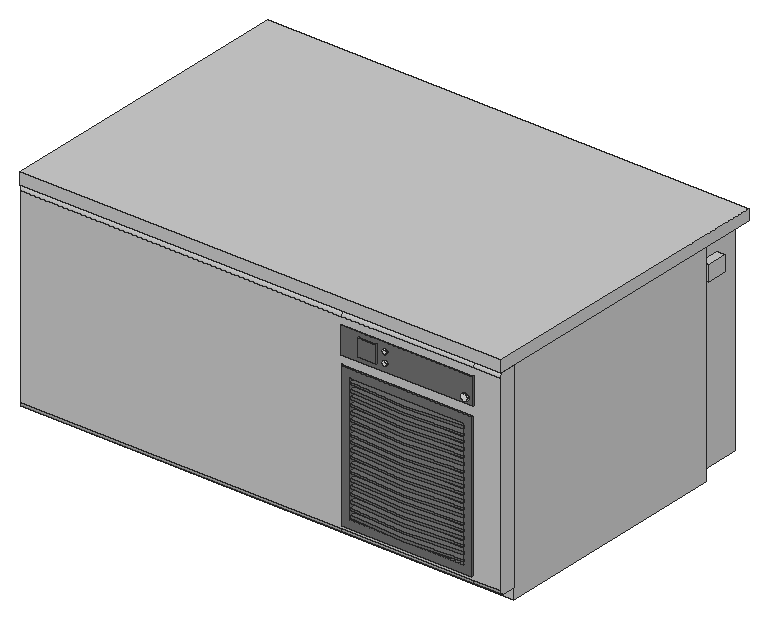
Revit family "QF_HOSHIZAKI_IM-240XNE-32", category Specialty Equipment, Revit 2016
Family settings
  Part Type = Normal
  Round Connector Dimension = Use Diameter
  OmniClass Number = 23.40.40.14
  OmniClass Title = Food Service Equipment
  Work Plane-Based = No
  Always vertical = Yes
  Cut with Voids When Loaded = No
  Shared = No
  Room Calculation Point = No
Parameters (values of type "IM-240XNE-32_230V/1Ph/50Hz")
  Weight = 88.00 kg
  Waste Remarks [instance] = ""
  Volts = 230 V
  URL Cutsheet = ""
  URL = "www.hoshizaki-europe.com"
  Status [instance] = ""
  Specification by User [instance] = ""
  Specification by Manufacturer [instance] = ""
  Serial Number = ""
  Seismic Rating = ""
  SMACNA No = ""
  Revision Code [instance] = ""
  Phase = 1
  Number of Poles = 2
  NAFEM Spec ID Number = ""
  Model = "IM-240XNE-32"
  Min Ckt Ampacity = 0 A
  Max Overcurrent Protection = 0 A
  Masterspec = ""
  Manufacturer = "HOSHIZAKI"
  Length Actual = 1084 mm
  Item Number [instance] = ""
  Installed By [instance] = ""
  Indirect Waste Size = 19.05 mm
  Indirect Waste Connection Type [instance] = ""
  Indirect Waste Connection Height [instance] = 53 mm
  Identify Quantity as Lot [instance] = no
  Height Actual = 500 mm
  HP power = ""
  Furnished By [instance] = ""
  Foodservice Equipment Identifier [instance] = yes
  FL Amps = 20 A
  Electric power = 1330 W
  Electric Connection Type [instance] = ""
  Elec Conn RI Height [instance] = 0 mm
  Elec Conn Connection Height [instance] = 409 mm
  Direct Waste RI Height [instance] = 0 mm
  Description = "MODULAR IM ICE MAKER, 240KG PER 24 HOURS, EXTRA LARGE CUBE, MODULAR - EXTENSION"
  Depth Actual = 700 mm
  Cycle = 50 Hz
  Cost = 0
  Conn Plug = ""
  Conn Conduit = no
  Cold Water Temperature Recommended = 0 °C
  Cold Water Size = 19.05 mm
  Cold Water Flow = 0.0 L/s
  Cold Water Connection Height [instance] = 419 mm
  CSI MasterFormat = ""
  Assembly Code = "E1090320"
  Apparent Power = 1330 VA
  Accessory = no
Types (2, lengths in mm): name | Volts | Cycle
  IM-240XNE-32_230V/1Ph/50Hz | 230 V | 50 Hz
  IM-240XNE-32_240V/1Ph/60Hz | 240 V | 60 Hz
Reference planes
  plane 1 "Center (Front/Back)": y = 0
  plane 2: z = 0
  plane 3 "Center (Left/Right)": x = 0
Forms (mm)
  Extrusion 1, solid, not visible
    sketch origin (-16, -65, 418) x (1, 0, 0) y (0, 1, 0)
      loop
        line (0, 0) -> (2, 0) -> (2, 2) -> (0, 2) -> (0, 0)
    from 0 to 2
  Extrusion 2, solid, not visible
    sketch origin (-16, -213, 52) x (1, 0, 0) y (0, 1, 0)
      loop
        line (0, 0) -> (2, 0) -> (2, 2) -> (0, 2) -> (0, 0)
    from 0 to 2
  Extrusion 3, solid, not visible
    sketch origin (1073, -77, 408) x (1, 0, 0) y (0, 1, 0)
      loop
        line (0, 0) -> (2, 0) -> (2, 2) -> (0, 2) -> (0, 0)
    from 0 to 2
  Extrusion 4, solid, not visible
    sketch origin (-16, -65, 418) x (1, 0, 0) y (0, 1, 0)
      loop
        line (0, 0) -> (2, 0) -> (2, 2) -> (0, 2) -> (0, 0)
    from 0 to 2
  Extrusion 5, solid, not visible
    sketch origin (-16, -213, 52) x (1, 0, 0) y (0, 1, 0)
      loop
        line (0, 0) -> (2, 0) -> (2, 2) -> (0, 2) -> (0, 0)
    from 0 to 2
  Extrusion 6, solid, not visible
    sketch origin (1073, -77, 408) x (1, 0, 0) y (0, 1, 0)
      loop
        line (0, 0) -> (2, 0) -> (2, 2) -> (0, 2) -> (0, 0)
    from 0 to 2
Dimensions and locks
  aligned and locked: level to plane 2
Nested families
  nested 1: "QF_HOSHIZAKI_IM-240XNE-32_230V_1Ph_50Hz" at (0, 0, 0), type "IM-240XNE-32_230V/1Ph/50Hz"
    with Show Clearance yes
Connectors
  piping at (-15, -63, 419), diameter 19.05, driven by "Cold Water Size", driven by "Cold Water Flow"
    settings: on Extrusion 1, index 1, connector inside diameter 609.6 mm, connector length 0 mm, flow factor 0, pipe flow 0.0 L/s, pressure drop 0.0 Pa, fitting loss kfactor 0, connector angle 0.00°, fixture units 0, engagement length 0 mm, angle of deflection 0.00°, flow configuration 1, flow direction 1, fitting loss method 0, system type 20, joint type 0, gender type 0, connector reference index -1, connector utility 0, adjustable connector no, is connector primary yes, connector description "Cold Water connection for 'IM-240XNE-32'"
  piping at (-15, -211, 53), diameter 19.05, driven by "Indirect Waste Size"
    settings: on Extrusion 2, index 2, connector inside diameter 609.6 mm, connector length 0 mm, flow factor 0, pipe flow 0.0 L/s, pressure drop 0.0 Pa, fitting loss kfactor 0, connector angle 0.00°, fixture units 0, engagement length 0 mm, angle of deflection 0.00°, flow configuration 1, flow direction 2, fitting loss method 0, system type 16, joint type 0, gender type 0, connector reference index -1, connector utility 0, adjustable connector no, is connector primary no, connector description "Drain connection for 'IM-240XNE-32'"
  electrical at (1074, -75, 409), driven by "Apparent Power", driven by "Number of Poles", driven by "Volts"
    settings: on Extrusion 3, index 3, voltage 230 V, apparent load 0 VA, apparent load phase1 1330 VA, apparent load phase2 0 VA, apparent load phase3 0 VA, power factor 1, load classification "Other", number of poles 2, system type 31, power factor state 1, is connector primary yes, connector utility no, sub classification motor no, connector description "Electric connection for 'IM-240XNE-32'"
  piping at (-15, -63, 419), diameter 19.05, driven by "Cold Water Size", driven by "Cold Water Flow"
    settings: on Extrusion 4, index 4, connector inside diameter 609.6 mm, connector length 0 mm, flow factor 0, pipe flow 0.0 L/s, pressure drop 0.0 Pa, fitting loss kfactor 0, connector angle 0.00°, fixture units 0, engagement length 0 mm, angle of deflection 0.00°, flow configuration 1, flow direction 1, fitting loss method 0, system type 20, joint type 0, gender type 0, connector reference index -1, connector utility 0, adjustable connector no, is connector primary no, connector description "Cold Water connection for 'IM-240XNE-32'"
  piping at (-15, -211, 53), diameter 19.05, driven by "Indirect Waste Size"
    settings: on Extrusion 5, index 5, connector inside diameter 609.6 mm, connector length 0 mm, flow factor 0, pipe flow 0.0 L/s, pressure drop 0.0 Pa, fitting loss kfactor 0, connector angle 0.00°, fixture units 0, engagement length 0 mm, angle of deflection 0.00°, flow configuration 1, flow direction 2, fitting loss method 0, system type 16, joint type 0, gender type 0, connector reference index -1, connector utility 0, adjustable connector no, is connector primary no, connector description "Drain connection for 'IM-240XNE-32'"
  electrical at (1074, -75, 409), driven by "Apparent Power", driven by "Number of Poles", driven by "Volts"
    settings: on Extrusion 6, index 6, voltage 230 V, apparent load 0 VA, apparent load phase1 1330 VA, apparent load phase2 0 VA, apparent load phase3 0 VA, power factor 1, load classification "Other", number of poles 2, system type 31, power factor state 1, is connector primary no, connector utility no, sub classification motor no, connector description "Electric connection for 'IM-240XNE-32'"
Definition of nested family "QF_HOSHIZAKI_IM-240XNE-32_230V_1Ph_50Hz"
  Parameters (values of type "IM-240XNE-32_230V/1Ph/50Hz")
    Width = 1084 mm
    URL = "www.hoshizaki-europe.com"
    Show Clearance [instance] = yes
    Model = "IM-240XNE-32"
    Manufacturer = "HOSHIZAKI"
    Height = 500 mm
    Description = "MODULAR IM ICE MAKER, 240KG PER 24 HOURS, EXTRA LARGE CUBE, MODULAR - EXTENSION"
    Depth = 700 mm
    Assembly Code = "E1090320"
  Types (31, lengths in mm): name | Width | Model | Height | Description | Depth
    IM-240DNE-HC | 1084 | "IM-240DNE-HC" | 500 | "EMERALD CLASS IM HYDROCARBON ICE MAKER, 210KG PER 24 HOURS, LARGE CUBE, MODULAR - HORIZONTAL" | 700
    IM-240XNE-HC | 1084 | "IM-240XNE-HC" | 500 | "EMERALD CLASS IM HYDROCARBON ICE MAKER, 210KG PER 24 HOURS, LARGE CUBE, MODULAR - EXTENSION" | 700
    IM-240DNE | 1084 | "IM-240DNE" | 500 | "MODULAR IM ICE MAKER, 240KG PER 24 HOURS, LARGE CUBE, MODULAR - HORIZONTAL" | 700
    IM-240DNE-21 | 1084 | "IM-240DNE-21" | 500 | "MODULAR IM ICE MAKER, 240KG PER 24 HOURS, EXTRA SMALL CUBE, MODULAR - HORIZONTAL" | 700
    IM-240DNE-23 | 1084 | "IM-240DNE-23" | 500 | "MODULAR IM ICE MAKER, 240KG PER 24 HOURS, MEDIUM CUBE, MODULAR - HORIZONTAL" | 700
    IM-240DNE-32 | 1084 | "IM-240DNE-32" | 500 | "MODULAR IM ICE MAKER, 240KG PER 24 HOURS, EXTRA LARGE CUBE, MODULAR - HORIZONTAL" | 700
    IM-240DSNE | 1084 | "IM-240DSNE" | 500 | "MODULAR IM ICE MAKER, 240KG PER 24 HOURS, LARGE CUBE, REMOTE CONDENSER" | 700
    IM-240DSNE-23 | 1084 | "IM-240DSNE-23" | 500 | "MODULAR IM ICE MAKER, 240KG PER 24 HOURS, MEDIUM CUBE, REMOTE CONDENSER" | 700
    IM-240DWNE | 1084 | "IM-240DWNE" | 500 | "MODULAR IM ICE MAKER, 240KG PER 24 HOURS, LARGE CUBE, MODULAR - HORIZONTAL, WATER COOLED" | 700
    IM-240DWNE-21 | 1084 | "IM-240DWNE-21" | 500 | "MODULAR IM ICE MAKER, 240KG PER 24 HOURS, EXTRA SMALL CUBE, MODULAR - HORIZONTAL, WATER COOLED" | 700
    IM-240DWNE-23 | 1084 | "IM-240DWNE-23" | 500 | "MODULAR IM ICE MAKER, 240KG PER 24 HOURS, MEDIUM CUBE, MODULAR - HORIZONTAL, WATER COOLED" | 700
    IM-240DWNE-32 | 1084 | "IM-240DWNE-32" | 500 | "MODULAR IM ICE MAKER, 240KG PER 24 HOURS, EXTRA LARGE CUBE, MODULAR - HORIZONTAL, WATER COOLED" | 700
    IM-240XNE | 1084 | "IM-240XNE" | 500 | "MODULAR IM ICE MAKER, 240KG PER 24 HOURS, LARGE CUBE, MODULAR - EXTENSION" | 700
    IM-240XNE-21 | 1084 | "IM-240XNE-21" | 500 | "MODULAR IM ICE MAKER, 240KG PER 24 HOURS, EXTRA SMALL CUBE, MODULAR - EXTENSION" | 700
    IM-240XNE-23 | 1084 | "IM-240XNE-23" | 500 | "MODULAR IM ICE MAKER, 240KG PER 24 HOURS, MEDIUM CUBE, MODULAR - EXTENSION" | 700
    IM-240XNE-32_230V/1Ph/50Hz | 1084 | "IM-240XNE-32" | 500 | "MODULAR IM ICE MAKER, 240KG PER 24 HOURS, EXTRA LARGE CUBE, MODULAR - EXTENSION" | 700
    IM-240XSNE | 1084 | "IM-240XSNE" | 500 | "MODULAR IM ICE MAKER, 240KG PER 24 HOURS, LARGE CUBE, MODULAR - EXTENSION, REMOTE CONDENSER" | 700
    IM-240XSNE-23 | 1084 | "IM-240XSNE-23" | 500 | "MODULAR IM ICE MAKER, 240KG PER 24 HOURS, MEDIUM CUBE, MODULAR - EXTENSION, REMOTE CONDENSER" | 700
    IM-240XWNE | 1084 | "IM-240XWNE" | 500 | "MODULAR IM ICE MAKER, 240KG PER 24 HOURS, LARGE CUBE, MODULAR - EXTENSION, WATER COOLED" | 700
    IM-240XWNE-21 | 1084 | "IM-240XWNE-21" | 500 | "MODULAR IM ICE MAKER, 240KG PER 24 HOURS, EXTRA SMALL CUBE, MODULAR - EXTENSION, WATER COOLED" | 700
    IM-240XWNE-23 | 1084 | "IM-240XWNE-23" | 500 | "MODULAR IM ICE MAKER, 240KG PER 24 HOURS, MEDIUM CUBE, MODULAR - EXTENSION, WATER COOLED" | 700
    IM-240XWNE-32 | 1084 | "IM-240XWNE-32" | 500 | "MODULAR IM ICE MAKER, 240KG PER 24 HOURS, EXTRA LARGE CUBE, MODULAR - EXTENSION, WATER COOLED" | 700
    IM-240DNE-C | 1084 | "IM-240DNE-C" | 500 | "IM CYLINDER ICE MAKER, 240KG PER 24 HOURS, CYLINDER ICE, MODULAR - HORIZONTAL" | 700
    IM-240DWNE-C | 1084 | "IM-240DWNE-C" | 500 | "IM CYLINDER ICE MAKER, 240KG PER 24 HOURS, CYLINDER ICE, MODULAR - HORIZONTAL, WATER COOLED" | 700
    IM-240XNE-C | 1084 | "IM-240XNE-C" | 500 | "IM CYLINDER ICE MAKER, 240KG PER 24 HOURS, CYLINDER ICE, MODULAR - EXTENSION" | 700
    IM-240XWNE-C | 1084 | "IM-240XWNE-C" | 500 | "IM CYLINDER ICE MAKER, 240KG PER 24 HOURS, CYLINDER ICE, MODULAR - EXTENSION, WATER COOLED" | 700
    IM-240DNE-HC-23 | 1084 | "IM-240DNE-HC-23" | 500 | "EMERALD CLASS IM HYDROCARBON ICE MAKER, 180KG PER 24 HOURS, MEDIUM CUBE, MODULAR - EXTENSION" | 700
    IM-240DNE-HC-32 | 1084 | "IM-240DNE-HC-32" | 500 | "EMERALD CLASS IM HYDROCARBON ICE MAKER, 190KG PER 24 HOURS, EXTRA LARGE CUBE, MODULAR - EXTENSION" | 700
    IM-240XNE-HC-23 | 1082 | "IM-240XNE-HC-23" | 485 | "EMERALD CLASS IM HYDROCARBON ICE MAKER, 180KG PER 24 HOURS, MEDIUM CUBE, MODULAR - EXTENSION" | 697
    IM-240XNE-HC-32 | 1082 | "IM-240XNE-HC-32" | 485 | "EMERALD CLASS IM HYDROCARBON ICE MAKER, 190KG PER 24 HOURS, EXTRA LARGE CUBE, MODULAR - EXTENSION" | 697
    IM-240DNE-HC-21 | 1084 | "IM-240DNE-HC-21" | 500 | "EMERALD CLASS IM HYDROCARBON ICE MAKER, 205KG PER 24 HOURS, EXTRA SMALL CUBE, MODULAR - EXTENSION" | 700
  Reference planes
    plane 1 "Back": y = 0
    plane 2: z = 0
    plane 3 "Left": x = 0
    plane 4 "Right": x = 1084
    plane 5 "Front": y = -700
    plane 6 "Top": z = 500
    plane 7: y = -702
    plane 8: z = 488
  Forms (mm)
    Extrusion 1, solid
      sketch origin (166.25, -249, 193) x (0, 1, 0) y (0, 0, 1)
        loop
          line (-414, -170) -> (-414, 280) -> (-441, 280)
          arc (-441, 280) -> (-448.071, 277.071) -> (-451, 270) r 10
          line (-451, 270) -> (-451, -160)
          arc (-451, -160) -> (-448.071, -167.071) -> (-441, -170) r 10
          line (-441, -170) -> (-414, -170)
      from 559.75 to -166.25
    Extrusion 2, solid
      sketch origin (-20, -211, 53) x (0, 1, 0) y (0, 0, 1)
        loop
          circle (0, 0) r 14
        loop
          circle (0, 0) r 12
      from 0 to 20
    Extrusion 3, solid
      sketch origin (-16, -63, 419) x (0, 1, 0) y (0, 0, 1)
        loop
          circle (0, 0) r 14
        loop
          circle (0, 0) r 12
      from 0 to 16
    Extrusion 4, solid
      sketch origin (1024, -249, 193) x (0, 1, 0) y (0, 0, 1)
        loop
          line (-414, -170) -> (-414, 280) -> (-441, 280)
          arc (-441, 280) -> (-448.071, 277.071) -> (-451, 270) r 10
          line (-451, 270) -> (-451, -160)
          arc (-451, -160) -> (-448.071, -167.071) -> (-441, -170) r 10
          line (-441, -170) -> (-414, -170)
      from 0 to 60
    Extrusion 5, solid
      sketch origin (726, -249, 193) x (0, 1, 0) y (0, 0, 1)
        loop
          line (-414, -170) -> (-414, -153) -> (-451, -153) -> (-451, -160)
          arc (-451, -160) -> (-448.071, -167.071) -> (-441, -170) r 10
          line (-441, -170) -> (-414, -170)
        loop
          line (-451, 270) -> (-451, 174) -> (-414, 174) -> (-414, 280) -> (-441, 280)
          arc (-441, 280) -> (-448.071, 277.071) -> (-451, 270) r 10
      from 0 to 298
    Extrusion 6, solid
      sketch origin (568.75, -852, 28) x (1, 0, 0) y (0, 0, 1)
        loop
          line (159.25, 337) -> (159.25, 14) -> (453.25, 14) -> (453.25, 337) -> (159.25, 337)
        loop
          line (177.25, 319) -> (177.25, 32) -> (435.25, 32) -> (435.25, 319) -> (177.25, 319)
      from -150 to -160
    Extrusion 7, solid
      sketch origin (568.75, -249, 170) x (1, 0, 0) y (0, 1, 0)
        loop
          line (177.25, -443) -> (177.25, -454.474)
          arc (177.25, -454.474) -> (306.295, -461.632) -> (435.25, -453) r 1057.927
          line (435.25, -453) -> (435.25, -443) -> (177.25, -443)
      from 0 to 5
    Extrusion 8, solid
      sketch origin (568.75, -249, 185) x (1, 0, 0) y (0, 1, 0)
        loop
          line (177.25, -443) -> (177.25, -454.474)
          arc (177.25, -454.474) -> (306.295, -461.632) -> (435.25, -453) r 1057.927
          line (435.25, -453) -> (435.25, -443) -> (177.25, -443)
      from 0 to 5
    Extrusion 9, solid
      sketch origin (568.75, -249, 200) x (1, 0, 0) y (0, 1, 0)
        loop
          line (177.25, -443) -> (177.25, -454.474)
          arc (177.25, -454.474) -> (306.295, -461.632) -> (435.25, -453) r 1057.927
          line (435.25, -453) -> (435.25, -443) -> (177.25, -443)
      from 0 to 5
    Extrusion 10, solid
      sketch origin (568.75, -249, 215) x (1, 0, 0) y (0, 1, 0)
        loop
          line (177.25, -443) -> (177.25, -454.474)
          arc (177.25, -454.474) -> (306.295, -461.632) -> (435.25, -453) r 1057.927
          line (435.25, -453) -> (435.25, -443) -> (177.25, -443)
      from 0 to 5
    Extrusion 11, solid
      sketch origin (568.75, -249, 230) x (1, 0, 0) y (0, 1, 0)
        loop
          line (177.25, -443) -> (177.25, -454.474)
          arc (177.25, -454.474) -> (306.295, -461.632) -> (435.25, -453) r 1057.927
          line (435.25, -453) -> (435.25, -443) -> (177.25, -443)
      from 0 to 5
    Extrusion 12, solid
      sketch origin (568.75, -249, 245) x (1, 0, 0) y (0, 1, 0)
        loop
          line (177.25, -443) -> (177.25, -454.474)
          arc (177.25, -454.474) -> (306.295, -461.632) -> (435.25, -453) r 1057.927
          line (435.25, -453) -> (435.25, -443) -> (177.25, -443)
      from 0 to 5
    Extrusion 13, solid
      sketch origin (568.75, -249, 260) x (1, 0, 0) y (0, 1, 0)
        loop
          line (177.25, -443) -> (177.25, -454.474)
          arc (177.25, -454.474) -> (306.295, -461.632) -> (435.25, -453) r 1057.927
          line (435.25, -453) -> (435.25, -443) -> (177.25, -443)
      from 0 to 5
    Extrusion 14, solid
      sketch origin (568.75, -249, 275) x (1, 0, 0) y (0, 1, 0)
        loop
          line (177.25, -443) -> (177.25, -454.474)
          arc (177.25, -454.474) -> (306.295, -461.632) -> (435.25, -453) r 1057.927
          line (435.25, -453) -> (435.25, -443) -> (177.25, -443)
      from 0 to 5
    Extrusion 15, solid
      sketch origin (568.75, -249, 290) x (1, 0, 0) y (0, 1, 0)
        loop
          line (177.25, -443) -> (177.25, -454.474)
          arc (177.25, -454.474) -> (306.295, -461.632) -> (435.25, -453) r 1057.927
          line (435.25, -453) -> (435.25, -443) -> (177.25, -443)
      from 0 to 5
    Extrusion 16, solid
      sketch origin (568.75, -249, 305) x (1, 0, 0) y (0, 1, 0)
        loop
          line (177.25, -443) -> (177.25, -454.474)
          arc (177.25, -454.474) -> (306.295, -461.632) -> (435.25, -453) r 1057.927
          line (435.25, -453) -> (435.25, -443) -> (177.25, -443)
      from 0 to 5
    Extrusion 17, solid
      sketch origin (568.75, -249, 320) x (1, 0, 0) y (0, 1, 0)
        loop
          line (177.25, -443) -> (177.25, -454.474)
          arc (177.25, -454.474) -> (306.295, -461.632) -> (435.25, -453) r 1057.927
          line (435.25, -453) -> (435.25, -443) -> (177.25, -443)
      from 0 to 5
    Extrusion 18, solid
      sketch origin (568.75, -249, 335) x (1, 0, 0) y (0, 1, 0)
        loop
          line (177.25, -443) -> (177.25, -454.474)
          arc (177.25, -454.474) -> (306.295, -461.632) -> (435.25, -453) r 1057.927
          line (435.25, -453) -> (435.25, -443) -> (177.25, -443)
      from 0 to 5
    Extrusion 19, solid
      sketch origin (568.75, -249, 110) x (1, 0, 0) y (0, 1, 0)
        loop
          line (177.25, -443) -> (177.25, -454.474)
          arc (177.25, -454.474) -> (306.295, -461.632) -> (435.25, -453) r 1057.927
          line (435.25, -453) -> (435.25, -443) -> (177.25, -443)
      from 0 to 5
    Extrusion 20, solid
      sketch origin (568.75, -249, 125) x (1, 0, 0) y (0, 1, 0)
        loop
          line (177.25, -443) -> (177.25, -454.474)
          arc (177.25, -454.474) -> (306.295, -461.632) -> (435.25, -453) r 1057.927
          line (435.25, -453) -> (435.25, -443) -> (177.25, -443)
      from 0 to 5
    Extrusion 21, solid
      sketch origin (568.75, -249, 140) x (1, 0, 0) y (0, 1, 0)
        loop
          line (177.25, -443) -> (177.25, -454.474)
          arc (177.25, -454.474) -> (306.295, -461.632) -> (435.25, -453) r 1057.927
          line (435.25, -453) -> (435.25, -443) -> (177.25, -443)
      from 0 to 5
    Extrusion 22, solid
      sketch origin (568.75, -249, 155) x (1, 0, 0) y (0, 1, 0)
        loop
          line (177.25, -443) -> (177.25, -454.474)
          arc (177.25, -454.474) -> (306.295, -461.632) -> (435.25, -453) r 1057.927
          line (435.25, -453) -> (435.25, -443) -> (177.25, -443)
      from 0 to 5
    Extrusion 23, solid
      sketch origin (568.75, -249, 65) x (1, 0, 0) y (0, 1, 0)
        loop
          line (177.25, -443) -> (177.25, -454.474)
          arc (177.25, -454.474) -> (306.295, -461.632) -> (435.25, -453) r 1057.927
          line (435.25, -453) -> (435.25, -443) -> (177.25, -443)
      from 0 to 5
    Extrusion 24, solid
      sketch origin (568.75, -249, 80) x (1, 0, 0) y (0, 1, 0)
        loop
          line (177.25, -443) -> (177.25, -454.474)
          arc (177.25, -454.474) -> (306.295, -461.632) -> (435.25, -453) r 1057.927
          line (435.25, -453) -> (435.25, -443) -> (177.25, -443)
      from 0 to 5
    Extrusion 25, solid
      sketch origin (568.75, -249, 95) x (1, 0, 0) y (0, 1, 0)
        loop
          line (177.25, -443) -> (177.25, -454.474)
          arc (177.25, -454.474) -> (306.295, -461.632) -> (435.25, -453) r 1057.927
          line (435.25, -453) -> (435.25, -443) -> (177.25, -443)
      from 0 to 5
    Extrusion 26, solid
      sketch origin (0, -700, -10) x (1, 0, 0) y (0, 0, 1)
        loop
          line (726, 397) -> (1024, 397) -> (1024, 457) -> (726, 457) -> (726, 397)
      from 0 to 2
    Extrusion 27, solid
      sketch origin (0, -702, 0) x (1, 0, 0) y (0, 0, 1)
        loop
          line (766.139, 436.277) -> (766.139, 396.277) -> (806.139, 396.277) -> (806.139, 436.277) -> (766.139, 436.277)
      from 0 to 2
    Extrusion 28, solid
      sketch origin (0, -702, 0) x (1, 0, 0) y (0, 0, 1)
        loop
          circle (825.63, 428.086) r 5
        loop
          circle (825.63, 404.468) r 5
      from 0 to 2
    Extrusion 29, solid
      sketch origin (0, -702, 0) x (1, 0, 0) y (0, 0, 1)
        loop
          circle (1006.481, 399.95) r 7.5
      from 3 to 0
    Extrusion 30, solid
      sketch origin (0, 0, 0) x (1, 0, 0) y (0, 1, 0)
        loop
          line (0, 0) -> (0, -663) -> (1084, -663) -> (1084, -120) -> (1054, -120) -> (1054, 0) -> (0, 0)
      from 0 to 475
    Extrusion 31, solid
      sketch origin (0, 0, 0) x (1, 0, 0) y (0, 1, 0)
        loop
          line (0, 0) -> (0, -700) -> (1084, -700) -> (1084, 0) -> (0, 0)
      from 500 to 475
    Extrusion 32, solid
      sketch origin (1254, 1.923, 57.766) x (0, 1, 0) y (0, 0, 1)
        loop
          line (-101.026, 368.734) -> (-101.026, 333.734) -> (-54.923, 333.734) -> (-54.923, 368.734) -> (-101.026, 368.734)
      from -180 to -200
  Cuts and joins
    joined: Extrusion 1, Extrusion 4, Extrusion 5
  Lines and regions (mm)
    symbolic lines
      curve 1: line (0, 0, 0) -> (1084, 0, 0)
      curve 2: line (0, -700, 0) -> (0, 0, 0)
      curve 3: line (1084, -700, 0) -> (0, -700, 0)
      curve 4: line (1084, 0, 0) -> (1084, -700, 0)
      curve 5: line (-16, -49, 0) -> (0, -49, 0)
      curve 6: line (-16, -49, 0) -> (-16, -77, 0)
      curve 7: line (-16, -77, 0) -> (0, -77, 0)
      curve 8: line (-20, -197, 0) -> (0, -197, 0)
      curve 9: line (-20, -197, 0) -> (-20, -225, 0)
      curve 10: line (-20, -225, 0) -> (0, -225, 0)
  Dimensions and locks
    plane 5 "Front" to Extrusion 30 = 700 mm
    locked: Extrusion 30 sketch curve to curve 4 at 30
    locked: Extrusion 30 to Extrusion 32 at 20
    "Width": plane 4 "Right" to plane 3 "Left"
    locked: Extrusion 28 to Extrusion 27 at 2
    locked: plane 5 "Front" to Extrusion 26 at 2
    Extrusion 29 to Extrusion 28 = 0 mm
    locked: plane 5 "Front" to Extrusion 6 at 8
    locked: plane 7 to plane 5 "Front" at 2
    "Depth": plane 5 "Front" to plane 1 "Back"
    locked: plane 5 "Front" to Extrusion 29 at 5
    locked: Extrusion 31 to plane 6 "Top" at 25
    cut or joined group of Extrusion 1, Extrusion 4, Extrusion 5 to plane 8 to plane 6 "Top" = 15 mm, 12 mm
    "Height": plane 6 "Top" to level
    aligned and locked: level to plane 2
    aligned and locked: Extrusion 31 to plane 4 "Right"
    aligned and locked: Extrusion 32 to Extrusion 30
    aligned and locked: Extrusion 4 to plane 4 "Right"
    aligned and locked: Extrusion 4 to Extrusion 5  (x2)
    aligned and locked: plane 4 "Right" to curve 4
    aligned and locked: Extrusion 31 to plane 5 "Front"
    aligned and locked: Extrusion 1 sketch curve to plane 5 "Front"
    aligned and locked: Extrusion 27 to Extrusion 26
    aligned and locked: plane 5 "Front" to Extrusion 26
    aligned and locked: Extrusion 28 to Extrusion 26
    aligned and locked: plane 7 to Extrusion 6
    aligned and locked: Extrusion 29 to Extrusion 26
    aligned and locked: plane 6 "Top" to Extrusion 31
    aligned and locked: Extrusion 30 to Extrusion 31
  Automatic sketch dimensions
    Extrusion 2 sketch curve to Extrusion 2 sketch curve = 0 mm  (x2)
    level to Extrusion 2 sketch curve = 53 mm
    plane 1 "Back" to Extrusion 2 sketch curve = 211 mm
    Extrusion 3 sketch curve to Extrusion 3 sketch curve = 0 mm  (x2)
    plane 1 "Back" to Extrusion 3 sketch curve = 63 mm
    Extrusion 3 sketch curve to plane 6 "Top" = 81 mm
    Extrusion 4 sketch curve to plane 5 "Front" = 0 mm
    Extrusion 4 sketch curve to Extrusion 4 sketch curve = 10 mm
    plane 5 "Front" to Extrusion 4 sketch curve = 10 mm
    Extrusion 4 sketch curve to Extrusion 4 sketch curve = 27 mm
    level to Extrusion 4 sketch curve = 23 mm
    Extrusion 4 sketch curve to plane 6 "Top" = 37 mm
    Extrusion 5 sketch curve to plane 5 "Front" = 0 mm  (x2)
    plane 5 "Front" to Extrusion 5 sketch curve = 10 mm  (x2)
    Extrusion 5 sketch curve to Extrusion 5 sketch curve = 27 mm  (x2)
    level to Extrusion 5 sketch curve = 23 mm
    Extrusion 5 sketch curve to Extrusion 5 sketch curve = 7 mm
    Extrusion 5 sketch curve to plane 6 "Top" = 133 mm
    Extrusion 5 sketch curve to plane 6 "Top" = 37 mm
    level to Extrusion 6 sketch curve = 42 mm
    plane 4 "Right" to Extrusion 6 sketch curve = 356 mm
    Extrusion 6 sketch curve to Extrusion 6 sketch curve = 18 mm  (x4)
    plane 4 "Right" to Extrusion 6 sketch curve = 80 mm
    Extrusion 6 sketch curve to plane 6 "Top" = 153 mm
    plane 5 "Front" to Extrusion 7 sketch curve = 8 mm
    plane 4 "Right" to Extrusion 7 sketch curve = 338 mm
    plane 4 "Right" to Extrusion 7 sketch curve = 215 mm
    plane 4 "Right" to Extrusion 7 sketch curve = 80 mm
    Extrusion 7 sketch curve to plane 5 "Front" = 2 mm
    Extrusion 7 sketch curve to Extrusion 7 sketch curve = 11.474 mm
    plane 5 "Front" to Extrusion 8 sketch curve = 8 mm
    plane 4 "Right" to Extrusion 8 sketch curve = 338 mm
    plane 4 "Right" to Extrusion 8 sketch curve = 215 mm
    plane 4 "Right" to Extrusion 8 sketch curve = 80 mm
    Extrusion 8 sketch curve to plane 5 "Front" = 2 mm
    Extrusion 8 sketch curve to Extrusion 8 sketch curve = 11.474 mm
    plane 5 "Front" to Extrusion 9 sketch curve = 8 mm
    plane 4 "Right" to Extrusion 9 sketch curve = 338 mm
    plane 4 "Right" to Extrusion 9 sketch curve = 215 mm
    plane 4 "Right" to Extrusion 9 sketch curve = 80 mm
    Extrusion 9 sketch curve to plane 5 "Front" = 2 mm
    Extrusion 9 sketch curve to Extrusion 9 sketch curve = 11.474 mm
    plane 5 "Front" to Extrusion 10 sketch curve = 8 mm
    plane 4 "Right" to Extrusion 10 sketch curve = 338 mm
    plane 4 "Right" to Extrusion 10 sketch curve = 215 mm
    plane 4 "Right" to Extrusion 10 sketch curve = 80 mm
    Extrusion 10 sketch curve to plane 5 "Front" = 2 mm
    Extrusion 10 sketch curve to Extrusion 10 sketch curve = 11.474 mm
    plane 5 "Front" to Extrusion 11 sketch curve = 8 mm
    plane 4 "Right" to Extrusion 11 sketch curve = 338 mm
    plane 4 "Right" to Extrusion 11 sketch curve = 215 mm
    plane 4 "Right" to Extrusion 11 sketch curve = 80 mm
    Extrusion 11 sketch curve to plane 5 "Front" = 2 mm
    Extrusion 11 sketch curve to Extrusion 11 sketch curve = 11.474 mm
    plane 5 "Front" to Extrusion 12 sketch curve = 8 mm
    plane 4 "Right" to Extrusion 12 sketch curve = 338 mm
    plane 4 "Right" to Extrusion 12 sketch curve = 215 mm
    plane 4 "Right" to Extrusion 12 sketch curve = 80 mm
    Extrusion 12 sketch curve to plane 5 "Front" = 2 mm
    Extrusion 12 sketch curve to Extrusion 12 sketch curve = 11.474 mm
    plane 5 "Front" to Extrusion 13 sketch curve = 8 mm
    plane 4 "Right" to Extrusion 13 sketch curve = 338 mm
    plane 4 "Right" to Extrusion 13 sketch curve = 215 mm
    plane 4 "Right" to Extrusion 13 sketch curve = 80 mm
    Extrusion 13 sketch curve to plane 5 "Front" = 2 mm
    Extrusion 13 sketch curve to Extrusion 13 sketch curve = 11.474 mm
    plane 5 "Front" to Extrusion 14 sketch curve = 8 mm
    plane 4 "Right" to Extrusion 14 sketch curve = 338 mm
    plane 4 "Right" to Extrusion 14 sketch curve = 215 mm
    plane 4 "Right" to Extrusion 14 sketch curve = 80 mm
    Extrusion 14 sketch curve to plane 5 "Front" = 2 mm
    Extrusion 14 sketch curve to Extrusion 14 sketch curve = 11.474 mm
    plane 5 "Front" to Extrusion 15 sketch curve = 8 mm
    plane 4 "Right" to Extrusion 15 sketch curve = 338 mm
    plane 4 "Right" to Extrusion 15 sketch curve = 215 mm
    plane 4 "Right" to Extrusion 15 sketch curve = 80 mm
    Extrusion 15 sketch curve to plane 5 "Front" = 2 mm
    Extrusion 15 sketch curve to Extrusion 15 sketch curve = 11.474 mm
    plane 5 "Front" to Extrusion 16 sketch curve = 8 mm
    plane 4 "Right" to Extrusion 16 sketch curve = 338 mm
    plane 4 "Right" to Extrusion 16 sketch curve = 215 mm
    plane 4 "Right" to Extrusion 16 sketch curve = 80 mm
    Extrusion 16 sketch curve to plane 5 "Front" = 2 mm
    Extrusion 16 sketch curve to Extrusion 16 sketch curve = 11.474 mm
    plane 5 "Front" to Extrusion 17 sketch curve = 8 mm
    plane 4 "Right" to Extrusion 17 sketch curve = 338 mm
    plane 4 "Right" to Extrusion 17 sketch curve = 215 mm
    plane 4 "Right" to Extrusion 17 sketch curve = 80 mm
    Extrusion 17 sketch curve to plane 5 "Front" = 2 mm
    Extrusion 17 sketch curve to Extrusion 17 sketch curve = 11.474 mm
    plane 5 "Front" to Extrusion 18 sketch curve = 8 mm
    plane 4 "Right" to Extrusion 18 sketch curve = 338 mm
    plane 4 "Right" to Extrusion 18 sketch curve = 215 mm
    plane 4 "Right" to Extrusion 18 sketch curve = 80 mm
    Extrusion 18 sketch curve to plane 5 "Front" = 2 mm
    Extrusion 18 sketch curve to Extrusion 18 sketch curve = 11.474 mm
    plane 5 "Front" to Extrusion 19 sketch curve = 8 mm
    plane 4 "Right" to Extrusion 19 sketch curve = 338 mm
    plane 4 "Right" to Extrusion 19 sketch curve = 215 mm
    plane 4 "Right" to Extrusion 19 sketch curve = 80 mm
    Extrusion 19 sketch curve to plane 5 "Front" = 2 mm
    Extrusion 19 sketch curve to Extrusion 19 sketch curve = 11.474 mm
    plane 5 "Front" to Extrusion 20 sketch curve = 8 mm
    plane 4 "Right" to Extrusion 20 sketch curve = 338 mm
    plane 4 "Right" to Extrusion 20 sketch curve = 215 mm
    plane 4 "Right" to Extrusion 20 sketch curve = 80 mm
    Extrusion 20 sketch curve to plane 5 "Front" = 2 mm
    Extrusion 20 sketch curve to Extrusion 20 sketch curve = 11.474 mm
    plane 5 "Front" to Extrusion 21 sketch curve = 8 mm
    plane 4 "Right" to Extrusion 21 sketch curve = 338 mm
    plane 4 "Right" to Extrusion 21 sketch curve = 215 mm
    plane 4 "Right" to Extrusion 21 sketch curve = 80 mm
    Extrusion 21 sketch curve to plane 5 "Front" = 2 mm
    Extrusion 21 sketch curve to Extrusion 21 sketch curve = 11.474 mm
    plane 5 "Front" to Extrusion 22 sketch curve = 8 mm
    plane 4 "Right" to Extrusion 22 sketch curve = 338 mm
    plane 4 "Right" to Extrusion 22 sketch curve = 215 mm
    plane 4 "Right" to Extrusion 22 sketch curve = 80 mm
    Extrusion 22 sketch curve to plane 5 "Front" = 2 mm
    Extrusion 22 sketch curve to Extrusion 22 sketch curve = 11.474 mm
    plane 5 "Front" to Extrusion 23 sketch curve = 8 mm
    plane 4 "Right" to Extrusion 23 sketch curve = 338 mm
    plane 4 "Right" to Extrusion 23 sketch curve = 215 mm
    plane 4 "Right" to Extrusion 23 sketch curve = 80 mm
    Extrusion 23 sketch curve to plane 5 "Front" = 2 mm
    Extrusion 23 sketch curve to Extrusion 23 sketch curve = 11.474 mm
    plane 5 "Front" to Extrusion 24 sketch curve = 8 mm
    plane 4 "Right" to Extrusion 24 sketch curve = 338 mm
    plane 4 "Right" to Extrusion 24 sketch curve = 215 mm
    plane 4 "Right" to Extrusion 24 sketch curve = 80 mm
    Extrusion 24 sketch curve to plane 5 "Front" = 2 mm
    Extrusion 24 sketch curve to Extrusion 24 sketch curve = 11.474 mm
    plane 5 "Front" to Extrusion 25 sketch curve = 8 mm
    plane 4 "Right" to Extrusion 25 sketch curve = 338 mm
    plane 4 "Right" to Extrusion 25 sketch curve = 215 mm
    plane 4 "Right" to Extrusion 25 sketch curve = 80 mm
    Extrusion 25 sketch curve to plane 5 "Front" = 2 mm
    Extrusion 25 sketch curve to Extrusion 25 sketch curve = 11.474 mm
    Extrusion 26 sketch curve to plane 6 "Top" = 53 mm
    plane 4 "Right" to Extrusion 26 sketch curve = 358 mm
    plane 4 "Right" to Extrusion 26 sketch curve = 60 mm
    Extrusion 26 sketch curve to Extrusion 26 sketch curve = 60 mm
    Extrusion 27 sketch curve to plane 6 "Top" = 103.723 mm
    plane 4 "Right" to Extrusion 27 sketch curve = 317.861 mm
    Extrusion 27 sketch curve to Extrusion 27 sketch curve = 40 mm  (x2)
    Extrusion 28 sketch curve to plane 6 "Top" = 95.532 mm
    plane 4 "Right" to Extrusion 28 sketch curve = 258.37 mm
    Extrusion 28 sketch curve to Extrusion 28 sketch curve = 0 mm
    Extrusion 28 sketch curve to Extrusion 28 sketch curve = 23.618 mm
    plane 4 "Right" to Extrusion 29 sketch curve = 77.519 mm
    Extrusion 29 sketch curve to plane 6 "Top" = 100.05 mm
    Extrusion 30 sketch curve to plane 3 "Left" = 0 mm
    Extrusion 30 sketch curve to plane 4 "Right" = 0 mm
    plane 1 "Back" to Extrusion 30 sketch curve = 0 mm
    plane 1 "Back" to Extrusion 30 sketch curve = 120 mm
    plane 5 "Front" to Extrusion 30 sketch curve = 37 mm
    Extrusion 31 sketch curve to plane 3 "Left" = 0 mm
    Extrusion 31 sketch curve to plane 4 "Right" = 0 mm
    Extrusion 31 sketch curve to plane 5 "Front" = 0 mm
    plane 1 "Back" to Extrusion 31 sketch curve = 0 mm
    plane 1 "Back" to Extrusion 32 sketch curve = 99.103 mm
    Extrusion 32 sketch curve to Extrusion 32 sketch curve = 46.103 mm
    Extrusion 32 sketch curve to plane 6 "Top" = 108.5 mm
    Extrusion 32 sketch curve to Extrusion 32 sketch curve = 35 mm
    curve 5 to plane 3 "Left" = 0 mm
    curve 3 to plane 5 "Front" = 0 mm
    plane 1 "Back" to curve 2 = 0 mm
    curve 6 to plane 3 "Left" = 16 mm
    curve 8 to plane 3 "Left" = 20 mm
    plane 1 "Back" to curve 9 = 225 mm
    curve 9 to curve 9 = 28 mm
    plane 1 "Back" to curve 6 = 77 mm
    curve 6 to curve 5 = 28 mm
    plane 5 "Front" to Extrusion 1 sketch curve = 10 mm  (x2)
    Extrusion 1 sketch curve to Extrusion 1 sketch curve = 27 mm
    level to Extrusion 1 sketch curve = 23 mm
    Extrusion 1 sketch curve to plane 6 "Top" = 37 mm
    radius of Extrusion 2 sketch curve = 14 mm
    radius of Extrusion 2 sketch curve = 12 mm
    radius of Extrusion 3 sketch curve = 14 mm
    radius of Extrusion 3 sketch curve = 12 mm
    radius of Extrusion 28 sketch curve = 5 mm  (x2)
    radius of Extrusion 29 sketch curve = 7.5 mm
  Connectors
    piping at (-20, -211, 53), diameter 19.05
      settings: on Extrusion 2, index 1, connector inside diameter 609.6 mm, connector length 0 mm, flow factor 0, pipe flow 0.0 L/s, pressure drop 0.0 Pa, fitting loss kfactor 0, connector angle 0.00°, fixture units 0, engagement length 0 mm, angle of deflection 0.00°, flow configuration 1, flow direction 2, fitting loss method 0, system type 16, joint type 0, gender type 0, connector reference index -1, connector utility 0, adjustable connector no, is connector primary yes, connector description "Indirect Waste Connection"
    piping at (-16, -63, 419), diameter 19.05
      settings: on Extrusion 3, index 3, connector inside diameter 609.6 mm, connector length 0 mm, flow factor 0, pipe flow 0.0 L/s, pressure drop 0.0 Pa, fitting loss kfactor 0, connector angle 0.00°, fixture units 0, engagement length 0 mm, angle of deflection 0.00°, flow configuration 1, flow direction 1, fitting loss method 0, system type 20, joint type 0, gender type 0, connector reference index -1, connector utility 0, adjustable connector no, is connector primary no, connector description "Cold Water Connection"
    electrical at (1064, -53, 409)
      settings: on Extrusion 32, index 4, voltage 230 V, apparent load 0 VA, apparent load phase1 930 VA, apparent load phase2 0 VA, apparent load phase3 0 VA, power factor 1, load classification none, number of poles 1, system type 31, power factor state 1, is connector primary yes, connector utility no, sub classification motor no, connector description "Electrical Connection"
